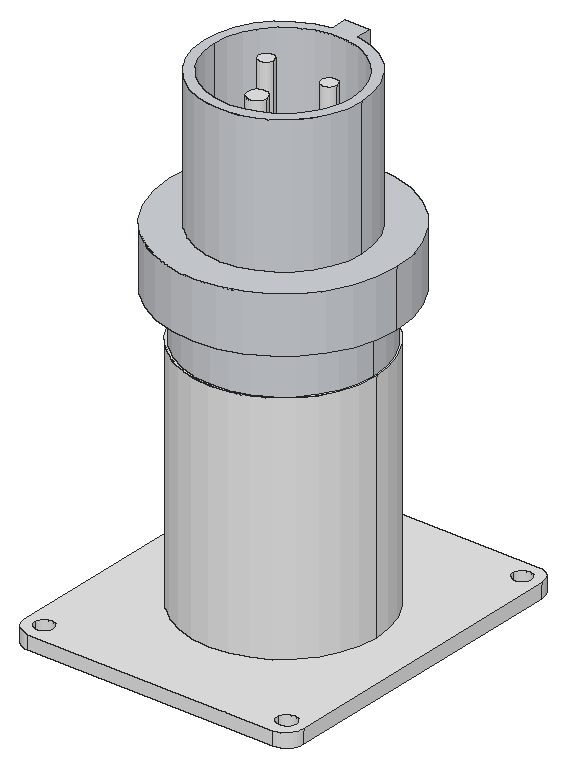
Revit family "Building-ConnessioniIEC309-GEWISS-IEC309HP-SPINE_FISSE_INC_DIRITTE_32A_IP67", category Apparecchi elettrici, host Superficie, Revit 2019
Family settings
  Host = Superficie
  Mantenere orientamento annotazione = Sì
  Quota connettore circolare = Usa diametro
  Tipo di parte = Normale
  Taglio con vuoti quando caricato = No
  Condiviso = No
  Punto di calcolo locali = Sì
Parameters (values of type "GW60268 - SPINA FISSA STAG.3P+T 32A 380V 3H")
  simbolo acceso [instance] = yes
  distanza_simbolo [instance] = 1 mm
  distanza dal piano [instance] = 0 mm
  W = 115 mm  # constant formula
  Versione file RFA = "21.11"
  URL = "https://www.gewiss.com/it/it"
  Tipologia = "Spina fissa da incasso diritta"
  Tipo Cablaggio = "A vite"
  Termopressione con biglia = "125 °C (Parti attive) - 80 °C (Parti passive)"
  Tensione nominale = "380-440V"
  Temperatura di utilizzo = "-25 +55 °C"
  Spostamento_effettivo_S [instance] = 4000 mm - Spostamento_S  # 3040 mm
  Spostamento_S = 960 mm
  Sovraccarico ammissibile = "42A"
  Scheda Tecnica = "https://www.gewiss.com/it/it/search?q=GW60268"
  SPinotto = Default(2)
  SEO = "Spina"
  Riferimento h = "3"
  Resistenza di isolamento = "- 10 M?"
  Resistenza agli urti = "IK08"
  Default Elevation = 1219.2 mm
  Produttore = "GEWISS S.p.A."
  Potere d'interruzione a 1,1 Un = "40A"
  Piastra = Default(2)
  N. poli = "3P+T"
  N. Manovre complessive = "-2000"
  Modello = "GW60268"
  L = 155 mm  # constant formula
  Immagine tipo = (empty or 0)
  IDT = "52ef395f395f4125bd0a3cd8d910fdee"
  IDF = "5b8588cf-9e50-4f0d-a31f-3ab8c7a0fb33"
  Grado di protezione = "IP67"
  Glow wire test: = "850 °C (Parti attive) - 650 °C (Parti passive)"
  Frequenza = "50/60 Hz"
  FORMULA = 1000 mm * 1  # 1000 mm
  Dimensioni flangia (mm) = "95x80"
  Descrizione = "SPINA FISSA STAG.3P+T 32A 380V 3H"
  Creato da GEWISS S.p.A. = ""
  Corrente nominale (A) = "32"
  Corpo centrale = Default(2)
  Colore: = "Rosso"
  Codice Electrocod = "2230"
  Catalogo = "BUILDING"
  CapacitÃ  serraggio morsetti = "2,5-6 mm² cavi flessibili - 2,5-10 mm² cavi rigidi"
  COBie.Tagnumber = ""
  COBie.CreatedOn = ""
  COBie.CreatebBy = ""
  COBie.ComponentRegisterItemID = ""
  COBie.Component.TagNumber = ""
  COBie.Component.Space = ""
  COBie.Component.SerialNumber = ""
  COBie.Component.InstallationDate = ""
  COBie.Component.Description = ""
  COBie.Component.BarCode = ""
  BLOCCO = "B=C"
Types (12, lengths in mm): name | Tensione nominale | Scheda Tecnica | Riferimento h | N. poli | Modello | IDT | Descrizione | Colore:
  GW60234 - SPINA FISSA STAG.2P+T 32A 110V 4H | "100-130V" | "https://www.gewiss.com/it/it/search?q=GW60234" | "4" | "2P+T" | "GW60234" | "b7cfcf50eec948e3871ae12ba8b5d91f" | "SPINA FISSA STAG.2P+T 32A 110V 4H" | "Giallo"
  GW60235 - SPINA FISSA STAG.3P+T 32A 110V 4H | "100-130V" | "https://www.gewiss.com/it/it/search?q=GW60235" | "4" | "3P+T" | "GW60235" | "66806003a8dd4b619ada649850f82419" | "SPINA FISSA STAG.3P+T 32A 110V 4H" | "Giallo"
  GW60236 - SPINA FISSA STAG.3P+N+T 32A 110V 4H | "100-130V" | "https://www.gewiss.com/it/it/search?q=GW60236" | "4" | "3P+N+T" | "GW60236" | "3225c91acded4540bb1d4f3b047d31a8" | "SPINA FISSA STAG.3P+N+T 32A 110V 4H" | "Giallo"
  GW60237 - SPINA FISSA STAG.2P+T 32A 230V 6H | "200-250V" | "https://www.gewiss.com/it/it/search?q=GW60237" | "6" | "2P+T" | "GW60237" | "f6eecef3b2e140bd80f7007fae5e8b3e" | "SPINA FISSA STAG.2P+T 32A 230V 6H" | "Blu"
  GW60238 - SPINA FISSA STAG.3P+T 32A 230V 9H | "200-250V" | "https://www.gewiss.com/it/it/search?q=GW60238" | "9" | "3P+T" | "GW60238" | "4929354ce3734f88b19f6bfb930fa01d" | "SPINA FISSA STAG.3P+T 32A 230V 9H" | "Blu"
  GW60239 - SPINA FISSA STAG.3P+N+T 32A 230V 9H | "200-250V" | "https://www.gewiss.com/it/it/search?q=GW60239" | "9" | "3P+N+T" | "GW60239" | "fe36541583b3473d88b8b28892e8a54a" | "SPINA FISSA STAG.3P+N+T 32A 230V 9H" | "Blu"
  GW60240 - SPINA FISSA STAG.2P+T 32A 400V 9H | "380-415V" | "https://www.gewiss.com/it/it/search?q=GW60240" | "9" | "2P+T" | "GW60240" | "d3835acd1c794753b234f44bd94e7abb" | "SPINA FISSA STAG.2P+T 32A 400V 9H" | "Rosso"
  GW60241 - SPINA FISSA STAG.3P+T 32A 400V 6H | "380-415V" | "https://www.gewiss.com/it/it/search?q=GW60241" | "6" | "3P+T" | "GW60241" | "158ae1d9ee2e4521a107a556c0ad0bb0" | "SPINA FISSA STAG.3P+T 32A 400V 6H" | "Rosso"
  GW60242 - SPINA FISSA STAG.3P+N+T 32A 400V 6H | "380-415V" | "https://www.gewiss.com/it/it/search?q=GW60242" | "6" | "3P+N+T" | "GW60242" | "e4c23b6c1e604560a2ec3b3eb744128e" | "SPINA FISSA STAG.3P+N+T 32A 400V 6H" | "Rosso"
  GW60243 - SPINA FISSA STAG.3P+T 32A 500V 7H | "480-500V" | "https://www.gewiss.com/it/it/search?q=GW60243" | "7" | "3P+T" | "GW60243" | "1a9061158e5b440283fe12320800aa8b" | "SPINA FISSA STAG.3P+T 32A 500V 7H" | "Nero"
  GW60244 - SPINA FISSA STAG.3P+N+T 32A 500V 7H | "480-500V" | "https://www.gewiss.com/it/it/search?q=GW60244" | "7" | "3P+N+T" | "GW60244" | "bf8ce8bbd26743569aa03069e65b2b63" | "SPINA FISSA STAG.3P+N+T 32A 500V 7H" | "Nero"
  GW60268 - SPINA FISSA STAG.3P+T 32A 380V 3H | "380-440V" | "https://www.gewiss.com/it/it/search?q=GW60268" | "3" | "3P+T" | "GW60268" | "52ef395f395f4125bd0a3cd8d910fdee" | "SPINA FISSA STAG.3P+T 32A 380V 3H" | "Rosso"
Reference planes
  plane 1 "Centro (Fronte/Retro)": y = 0
  plane 2: z = 0
  plane 3 "Centro (Sinistra/Destra)": x = 0
  plane 4: x = -3000
  plane 5: x = 40
  plane 6: z = 0
Dimensions and locks
  plane 4 to plane 3 "Centro (Sinistra/Destra)" = 3000 mm
  "Spostamento_effettivo_S": plane 4 to plane 5
  "distanza dal piano": plane 6 to plane 2
  aligned and locked: plane 2 to host face
  aligned and locked: level to host face
  aligned and locked: plane 3 "Centro (Sinistra/Destra)" to nested 1
  aligned and locked: plane 1 "Centro (Fronte/Retro)" to nested 1
  aligned and locked: nested 2 to plane 5
  aligned and locked: nested 1 to host face
Automatic sketch dimensions
  host sketch curve to host sketch curve = 2438.4 mm  (x2)
Nested families
  nested 1: "IEC309 SPINE FISSE INCASSO DIRITTE 32A IP67_base" at (0, 0, 0), type "IEC309 SPINE FISSE INCASSO DIRITTE 32A IP67_base"
  nested 2: "simbolo_circuito_GW60201" at (40, 171.559, 0), visible <- "simbolo acceso", Distanza dal muro <- "distanza_simbolo", type "3P"
    with SIMBOLO ACCESO yes, Distanza dal muro 1 mm
Connectors
  electrical at (40, 47.5, 0)
    settings: on nested 1, index 1, voltage 0 V, apparent load 0 VA, apparent load phase1 0 VA, apparent load phase2 0 VA, apparent load phase3 0 VA, power factor 1, load classification "Altro", number of poles 1, system type 31, power factor state 1, is connector primary yes, connector utility no, sub classification motor no, connector description ""
Definition of nested family "IEC309 SPINE FISSE INCASSO DIRITTE 32A IP67_base"
  Parameters (values of type "IEC309 SPINE FISSE INCASSO DIRITTE 32A IP67_base")
    sp_ghiera = 16 mm
    h = 95 mm
    dis_base = 71 mm
    Spinotto = none
    PIASTRA = none
    Lunghezza totale = 140 mm
    CENTRALE = none
    Bsae = 80 mm
  Reference planes
    plane 1 "Centro (Fronte/Retro)": y = 0
    plane 2: z = 0
    plane 3 "Centro (Sinistra/Destra)": x = 0
    plane 4 "EEE": through (4267.2, -291.041, 143.375) normal (0, -0.788, -0.6157)
    plane 5: x = 48
    plane 6: x = 80
    plane 7: y = 95
    plane 8: z = 4
    plane 9: y = 89.607
    plane 10: x = 74.724
    plane 11: x = 5.276
    plane 12: y = 5.392
    plane 13: y = 38.178
    plane 14: x = 40
    plane 15: y = 52.668
    plane 16: x = 31
    plane 17: x = 49
    plane 18: y = 47.5
    plane 19: z = 71
    plane 20: z = 85
    plane 21: z = 101
    plane 22: z = 140
    plane 23: z = 137.786
  Forms (mm)
    Extrusion 1, solid, material <- "PIASTRA"
      sketch origin (0, 0, 0) x (1, 0, 0) y (0, 1, 0)
        loop
          arc (5, 95) -> (1.464, 93.536) -> (0, 90) r 5
          line (0, 90) -> (0, 5)
          arc (0, 5) -> (1.464, 1.464) -> (5, 0) r 5
          line (5, 0) -> (75, 0)
          arc (75, 0) -> (78.536, 1.464) -> (80, 5) r 5
          line (80, 5) -> (80, 90)
          arc (80, 90) -> (78.536, 93.536) -> (75, 95) r 5
          line (75, 95) -> (5, 95)
      from 0 to 4
    Extrusion 2, void
      sketch origin (0, 0, 0) x (1, 0, 0) y (0, 1, 0)
        loop
          circle (5.276, 89.607) r 2.665
        loop
          circle (74.724, 89.607) r 2.602
        loop
          circle (74.724, 5.392) r 2.692
        loop
          circle (5.276, 5.392) r 2.603
      from 0 to 4
    Extrusion 3, solid, material <- "CENTRALE"
      sketch origin (0, 0, 0) x (1, 0, 0) y (0, 1, 0)
        loop
          circle (40, 47.5) r 26.675
      from 4 to 71
    Extrusion 4, solid
      sketch origin (0, 0, 0) x (1, 0, 0) y (0, 1, 0)
        loop
          circle (40, 47.5) r 26
      from 71 to 85
    Extrusion 5, solid
      sketch origin (0, 0, 0) x (1, 0, 0) y (0, 1, 0)
        loop
          circle (40, 47.5) r 32.5
      from 85 to 101
    Extrusion 6, solid
      sketch origin (0, 0, 0) x (1, 0, 0) y (0, 1, 0)
        loop
          circle (40, 47.5) r 22.572
        loop
          circle (40, 47.5) r 19.816
      from 101 to 140
    Extrusion 7, solid, material <- "Spinotto"
      sketch origin (0, 0, 0) x (1, 0, 0) y (0, 1, 0)
        loop
          circle (31, 52.668) r 2.069
        loop
          circle (49, 52.668) r 2.139
        loop
          circle (40, 38.178) r 2.694
      from 101 to 137.786
    Extrusion 8, solid
      sketch origin (0, 0, 0) x (1, 0, 0) y (0, 1, 0)
        loop
          line (43.532, 69.794) -> (43.532, 73.927)
          arc (43.532, 73.927) -> (39.951, 74.174) -> (36.371, 73.927) r 26.002
          line (36.371, 73.927) -> (36.371, 69.778)
          arc (36.371, 69.778) -> (39.951, 70.072) -> (43.532, 69.794) r 22.572
      from 101 to 140
  Cuts and joins
    Extrusion 2 cuts Extrusion 1
    joined: Extrusion 5, Extrusion 6, Extrusion 8
  Lines and regions (mm)
    symbolic lines
      curve 1: line (270.256, 355.85, 0) -> (282.43, 355.85, 0)
  Dimensions and locks
    "Bsae": plane 3 "Centro (Sinistra/Destra)" to plane 6
    "h": plane 1 "Centro (Fronte/Retro)" to plane 7
    locked: plane 8 to level at 4
    locked: plane 3 "Centro (Sinistra/Destra)" to plane 11 at 5.276
    locked: plane 10 to plane 6 at 5.276
    locked: plane 1 "Centro (Fronte/Retro)" to plane 12 at 5.392
    locked: plane 20 to plane 19 at 14
    "sp_ghiera": plane 21 to plane 20
    "Lunghezza totale": plane 22 to level
    locked: plane 22 to plane 23 at 2.214
    "dis_base": plane 19 to level
    equal spacing: plane 3 "Centro (Sinistra/Destra)", plane 14, plane 6
    locked: plane 16 to plane 14 at 9
    locked: plane 14 to plane 17 at 9
    locked: plane 15 to plane 18 at 5.168
    locked: plane 18 to plane 13 at 9.322
    locked: plane 7 to plane 9 at 5.393
    equal spacing: plane 1 "Centro (Fronte/Retro)", plane 18, plane 7
    radius of Extrusion 1 sketch curve = 5 mm  (x4)
    aligned and locked: level to plane 2
    aligned and locked: Extrusion 1 to level
    aligned and locked: plane 8 to Extrusion 1
    aligned and locked: Extrusion 2 to level
    aligned and locked: plane 8 to Extrusion 2
    aligned and locked: plane 14 to Extrusion 3 sketch curve
    aligned and locked: plane 18 to Extrusion 3 sketch curve
    aligned and locked: Extrusion 3 to plane 8
    aligned and locked: plane 19 to Extrusion 3
    aligned and locked: Extrusion 4 to plane 19
    aligned and locked: plane 20 to Extrusion 4
    aligned and locked: plane 14 to Extrusion 4 sketch curve
    aligned and locked: plane 18 to Extrusion 4 sketch curve
    aligned and locked: plane 18 to Extrusion 5 sketch curve
    aligned and locked: plane 14 to Extrusion 5 sketch curve
    aligned and locked: Extrusion 5 to plane 20
    aligned and locked: Extrusion 5 to plane 21
    aligned and locked: plane 18 to Extrusion 6 sketch curve  (x2)
    aligned and locked: plane 14 to Extrusion 6 sketch curve  (x2)
    aligned and locked: plane 21 to Extrusion 6
    aligned and locked: plane 22 to Extrusion 6
    aligned and locked: plane 15 to Extrusion 7 sketch curve  (x2)
    aligned and locked: plane 14 to Extrusion 7 sketch curve
    aligned and locked: plane 16 to Extrusion 7 sketch curve
    aligned and locked: plane 17 to Extrusion 7 sketch curve
    aligned and locked: plane 21 to Extrusion 7
    aligned and locked: plane 23 to Extrusion 7
    aligned and locked: plane 21 to cut or joined group of Extrusion 5, Extrusion 6, Extrusion 8
    aligned and locked: plane 22 to cut or joined group of Extrusion 5, Extrusion 6, Extrusion 8
  Automatic sketch dimensions
    Extrusion 1 sketch curve to plane 3 "Centro (Sinistra/Destra)" = 0 mm
    Extrusion 1 sketch curve to plane 7 = 0 mm
    plane 1 "Centro (Fronte/Retro)" to Extrusion 1 sketch curve = 0 mm
    Extrusion 1 sketch curve to plane 6 = 0 mm
    Extrusion 2 sketch curve to plane 11 = 0 mm  (x2)
    Extrusion 2 sketch curve to plane 9 = 0 mm  (x2)
    Extrusion 2 sketch curve to plane 10 = 0 mm  (x2)
    Extrusion 2 sketch curve to plane 12 = 0 mm  (x2)
    Extrusion 7 sketch curve to plane 13 = 0 mm
    curve 1 to plane 6 = 190.256 mm
    plane 7 to curve 1 = 260.85 mm
    curve 1 to curve 1 = 12.174 mm
    Extrusion 8 sketch curve to plane 14 = 3.629 mm
    Extrusion 8 sketch curve to plane 14 = 0.049 mm
    plane 18 to Extrusion 8 sketch curve = 0.673 mm
    plane 14 to Extrusion 8 sketch curve = 3.532 mm
    Extrusion 8 sketch curve to Extrusion 8 sketch curve = 4.133 mm
    Extrusion 8 sketch curve to plane 14 = 0 mm
    Extrusion 8 sketch curve to plane 18 = 0 mm
    Extrusion 8 sketch curve to Extrusion 8 sketch curve = 0.016 mm
    radius of Extrusion 2 sketch curve = 2.665 mm
    radius of Extrusion 2 sketch curve = 2.602 mm
    radius of Extrusion 2 sketch curve = 2.692 mm
    radius of Extrusion 2 sketch curve = 2.603 mm
    radius of Extrusion 3 sketch curve = 26.675 mm
    radius of Extrusion 4 sketch curve = 26 mm
    radius of Extrusion 5 sketch curve = 32.5 mm
    radius of Extrusion 6 sketch curve = 22.572 mm
    radius of Extrusion 6 sketch curve = 19.816 mm
    radius of Extrusion 7 sketch curve = 2.069 mm
    radius of Extrusion 7 sketch curve = 2.139 mm
    radius of Extrusion 7 sketch curve = 2.694 mm
Definition of nested family "simbolo_circuito_GW60201"
  Parameters (values of type "3P")
    SIMBOLO ACCESO [instance] = yes
    Distanza dal muro [instance] = 0 mm
  Reference planes
    plane 1: y = 0
    plane 2: x = 0
  Dimensions and locks
    "Distanza dal muro": plane 1 to nested 1
    aligned and locked: plane 2 to nested 1
  Nested families
    nested 1: "simbolo_circuito_GW60201_base" at (0, 0, 0), visible <- "SIMBOLO ACCESO", type "3P"
      with CORNICE SIMBOLO yes
  Definition of nested family "simbolo_circuito_GW60201_base"
    Parameters (values of type "3P")
      CORNICE SIMBOLO [instance] = yes
      3P = yes
    Types (2, lengths in mm): name | 3P
      3P | yes
      2P | no
    Reference planes
      plane 1: y = 0
      plane 2: x = 0
    Lines and regions (mm)
      detail lines
        curve 1: arc (0.298, 0.46, 0) -> (0, 0.758, 0) -> (-0.298, 0.46, 0) r 0.298
        curve 2: arc (0.139, 0.652, 0) -> (0, 0.731, 0) -> (-0.139, 0.652, 0) r 0.163
        curve 3: arc (-0.139, 0.106, 0) -> (0, 0.027, 0) -> (0.139, 0.106, 0) r 0.163
        curve 4: circle (0, 2.381, 0) r 0.05 normal (0, 0, 1)
        curve 5: line (0, 3.386, 0) -> (0, 0.758, 0)
        curve 6: line (-0.139, 0.652, 0) -> (-0.139, 0.106, 0)
        curve 7: line (0.139, 0.652, 0) -> (0.139, 0.106, 0)
      detail lines, not visible
        curve 8: arc (2.679, 0.46, 0) -> (2.381, 0.758, 0) -> (2.083, 0.46, 0) r 0.298
        curve 9: arc (2.52, 0.652, 0) -> (2.381, 0.731, 0) -> (2.241, 0.652, 0) r 0.163
        curve 10: arc (2.241, 0.106, 0) -> (2.381, 0.027, 0) -> (2.52, 0.106, 0) r 0.163
        curve 11: circle (2.381, 2.381, 0) r 0.05 normal (0, 0, 1)
        curve 12: line (2.381, 3.386, 0) -> (2.381, 0.758, 0)
        curve 13: line (2.241, 0.652, 0) -> (2.241, 0.106, 0)
        curve 14: line (2.52, 0.652, 0) -> (2.52, 0.106, 0)
